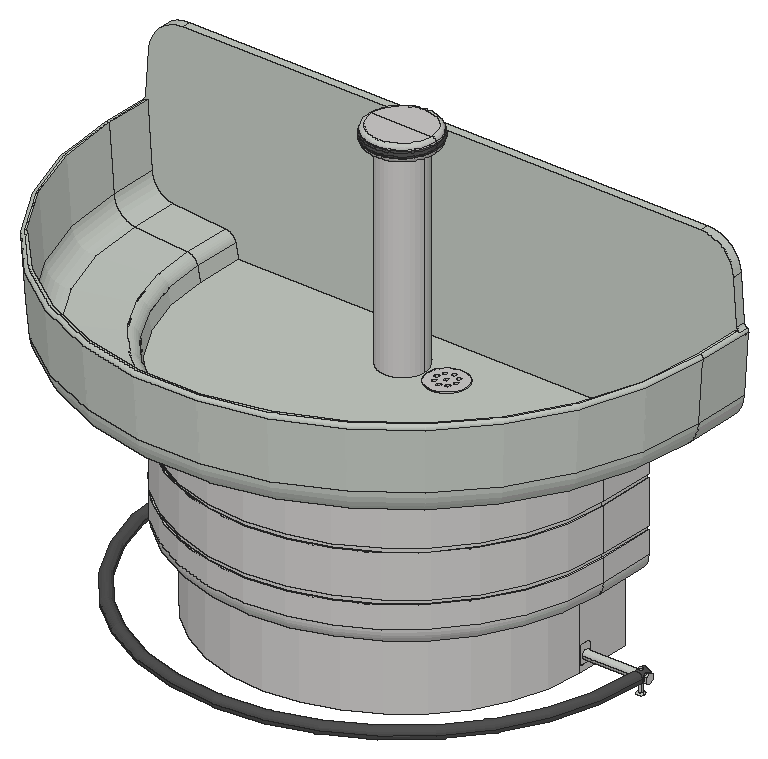
Revit family "Washfountain_Lavatory-Bradley_Corp-WF2504-Type_H_Drain", category Plumbing Fixtures, Revit 2012 (continued)
Automatic sketch dimensions
  Masking region 12 sketch curve to Masking region 12 sketch curve = 0.03513"
  curve 2 to Masking region 12 sketch curve = 0.33351"
  Masking region 12 sketch curve to curve 2 = 10.500"
  Masking region 12 sketch curve to Masking region 12 sketch curve = 0.49824"
  curve 2 to Masking region 12 sketch curve = 7.0005"
  curve 7 to curve 80 = 0.37358"
  curve 80 to curve 7 = 3.24592"
  curve 79 to curve 80 = 0.000"
  curve 79 to curve 81 = 0.27592"
  curve 81 to curve 82 = 0.040"
  curve 82 to curve 83 = 0.04402"
  curve 83 to curve 84 = 0.03127"
  curve 7 to curve 84 = 2.85471"
  curve 84 to curve 83 = 0.03127"
  curve 83 to curve 82 = 0.04402"
  curve 82 to curve 81 = 0.040"
  curve 81 to curve 79 = 0.27592"
  curve 80 to curve 79 = 0.000"
  curve 79 to curve 80 = 0.62595"
  curve 81 to curve 79 = 0.61449"
  curve 82 to curve 81 = 1.250"
  curve 83 to curve 82 = 1.24999"
  curve 84 to curve 83 = 1.25001"
  curve 12 to curve 51 = 3.59633"
  curve 51 to curve 12 = 14.89889"
  curve 50 to curve 51 = 0.000"
  curve 49 to curve 51 = 0.000"  (x2)
  curve 46 to curve 49 = 0.000"
  curve 47 to curve 46 = 0.000"
  curve 48 to curve 47 = 0.000"  (x2)
  curve 46 to curve 41 = 0.02732"
  curve 39 to curve 41 = 0.000"  (x2)
  curve 49 to curve 42 = 0.02732"
  curve 43 to curve 42 = 0.000"
  curve 44 to curve 43 = 0.000"  (x2)
  curve 40 to curve 39 = 0.000"  (x2)
  curve 39 to curve 45 = 2.01906"
  curve 38 to curve 45 = 0.000"
  curve 12 to curve 45 = 12.8525"
  curve 45 to curve 38 = 0.00049"
  curve 45 to curve 43 = 2.01906"
  curve 42 to curve 43 = 0.000"
  curve 45 to curve 41 = 2.01906"
  curve 41 to curve 47 = 0.02732"
  curve 46 to curve 47 = 0.000"
  curve 44 to curve 50 = 0.02732"
  curve 51 to curve 50 = 0.000"
  curve 49 to curve 51 = 0.14775"
  curve 44 to curve 49 = 0.63192"
  curve 43 to curve 44 = 0.18748"
  curve 42 to curve 43 = 0.18748"
  curve 47 to curve 42 = 1.9977"
  curve 48 to curve 47 = 0.14775"
  curve 46 to curve 48 = 0.14775"
  curve 41 to curve 46 = 1.5194"
  curve 40 to curve 41 = 0.18748"
  curve 39 to curve 40 = 0.18748"
  curve 45 to curve 39 = 0.9101"
  curve 38 to curve 45 = 2.64854"
  curve 51 to curve 50 = 0.14775"
  curve 11 to curve 65 = 3.000"
  curve 11 to curve 52 = 3.000"
  curve 64 to curve 65 = 0.000"
  curve 53 to curve 65 = 0.000"
  curve 63 to curve 65 = 0.000"
  curve 54 to curve 53 = 0.000"
  curve 62 to curve 52 = 0.000"
  curve 55 to curve 53 = 0.000"  (x2)
  curve 61 to curve 62 = 0.000"
  curve 56 to curve 64 = 0.000"
  curve 60 to curve 62 = 0.000"
  curve 57 to curve 56 = 0.000"
  curve 59 to curve 52 = 0.000"
  curve 58 to curve 56 = 0.000"  (x2)
  curve 11 to curve 59 = 17.94266"
  curve 52 to curve 59 = 0.000"
  curve 52 to curve 60 = 2.01784"
  curve 64 to curve 60 = 0.000"
  curve 61 to curve 60 = 0.000"
  curve 63 to curve 64 = 0.000"
  curve 62 to curve 60 = 0.000"
  curve 65 to curve 64 = 0.000"
  curve 61 to curve 54 = 0.02854"
  curve 64 to curve 57 = 0.02854"
  curve 53 to curve 54 = 0.000"
  curve 56 to curve 57 = 0.000"
  curve 59 to curve 11 = 12.49714"
  curve 59 to curve 52 = 2.64854"
  curve 52 to curve 60 = 0.9101"
  curve 60 to curve 62 = 0.18748"
  curve 62 to curve 61 = 0.18748"
  curve 61 to curve 53 = 1.5194"
  curve 53 to curve 55 = 0.14775"
  curve 55 to curve 54 = 0.14775"
  curve 54 to curve 63 = 1.9977"
  curve 63 to curve 65 = 0.18748"
  curve 65 to curve 64 = 0.18748"
  curve 64 to curve 56 = 0.63192"
  curve 56 to curve 58 = 0.14775"
  curve 58 to curve 57 = 0.14775"
  curve 2 to curve 66 = 3.000"
  curve 2 to curve 67 = 14.33954"
  curve 2 to curve 67 = 15.1158"
  curve 67 to curve 66 = 6.85903"
  curve 66 to curve 67 = 0.38104"
  curve 2 to curve 67 = 8.81355"
  curve 66 to curve 2 = 8.46682"
  curve 66 to curve 67 = 0.0327"
  Revolve 15 sketch curve to curve 5 = 0.000"
  curve 5 to Revolve 15 sketch curve = 1.000"
  curve 5 to Revolve 15 sketch curve = 0.89718"
  Revolve 15 sketch curve to curve 5 = 0.64632"
  Revolve 15 sketch curve to Revolve 15 sketch curve = 0.17678"
  Revolve 15 sketch curve to Revolve 15 sketch curve = 0.000"  (x4)
  Revolve 15 sketch curve to Revolve 15 sketch curve = 0.60355"
  Revolve 15 sketch curve to Revolve 15 sketch curve = 0.176"
  curve 5 to Revolve 15 sketch curve = 0.34072"
  Revolve 15 sketch curve to curve 5 = 1.44037"
  Revolve 15 sketch curve to Revolve 15 sketch curve = 0.01575"
  Revolve 15 sketch curve to Revolve 15 sketch curve = 0.074"
  Revolve 15 sketch curve to Revolve 15 sketch curve = 0.0755"
  Revolve 15 sketch curve to curve 5 = 2.78252"
  Revolve 15 sketch curve to Revolve 15 sketch curve = 1.50918"
  Revolve 15 sketch curve to curve 5 = 39.99275"
  Revolve 15 sketch curve to Revolve 15 sketch curve = 0.07322"
  Revolve 15 sketch curve to Revolve 15 sketch curve = 0.60277"
  Revolve 15 sketch curve to Revolve 15 sketch curve = 0.22469"
  Revolve 15 sketch curve to curve 5 = 1.16482"
  Revolve 16 sketch curve to curve 5 = 0.000"
  Revolve 16 sketch curve to Revolve 16 sketch curve = 0.000"
  curve 5 to Revolve 16 sketch curve = 1.000"
  Revolve 16 sketch curve to curve 5 = 0.74987"
  Revolve 16 sketch curve to Revolve 16 sketch curve = 0.8255"  (x2)
  Revolve 16 sketch curve to Revolve 16 sketch curve = 0.78649"
  Revolve 16 sketch curve to curve 5 = 1.13751"
  Masking region 13 sketch curve to curve 5 = 0.000"
  Masking region 13 sketch curve to curve 5 = 1.57537"
  Masking region 13 sketch curve to curve 5 = 0.74987"
  curve 5 to Masking region 13 sketch curve = 1.000"
  Masking region 13 sketch curve to curve 5 = 1.000"
  curve 5 to Masking region 13 sketch curve = 0.74987"
  curve 5 to Masking region 13 sketch curve = 1.57537"
  Masking region 13 sketch curve to Masking region 13 sketch curve = 0.8255"  (x2)
  Masking region 14 sketch curve to curve 5 = 0.000"
  Masking region 14 sketch curve to curve 5 = 1.57537"
  Masking region 14 sketch curve to Masking region 14 sketch curve = 0.0755"  (x2)
  Masking region 14 sketch curve to Masking region 14 sketch curve = 0.11925"
  Masking region 14 sketch curve to Masking region 14 sketch curve = 0.000"  (x7)
  Masking region 14 sketch curve to Masking region 14 sketch curve = 0.135"
  Masking region 14 sketch curve to Masking region 14 sketch curve = 0.074"
  Masking region 14 sketch curve to Masking region 14 sketch curve = 0.250"
  Masking region 14 sketch curve to curve 5 = 0.82309"
  Masking region 14 sketch curve to Masking region 14 sketch curve = 0.17678"  (x2)
  curve 5 to Masking region 14 sketch curve = 0.89718"
  curve 5 to Masking region 14 sketch curve = 1.000"
  curve 5 to Masking region 14 sketch curve = 2.78252"
  Masking region 14 sketch curve to Masking region 14 sketch curve = 0.43497"
  Masking region 14 sketch curve to curve 5 = 1.000"
  Masking region 14 sketch curve to curve 5 = 0.89718"
  curve 5 to Masking region 14 sketch curve = 0.64632"
  Masking region 14 sketch curve to Masking region 14 sketch curve = 0.60355"
  Masking region 14 sketch curve to Masking region 14 sketch curve = 0.176"
  curve 5 to Masking region 14 sketch curve = 0.34072"
  curve 5 to Masking region 14 sketch curve = 1.44037"
  Masking region 14 sketch curve to Masking region 14 sketch curve = 0.01575"
  Masking region 14 sketch curve to Masking region 14 sketch curve = 0.0595"
  Masking region 14 sketch curve to curve 5 = 39.99275"
  Masking region 14 sketch curve to Masking region 14 sketch curve = 0.07322"  (x2)
  Masking region 14 sketch curve to Masking region 14 sketch curve = 0.60277"  (x2)
  Masking region 14 sketch curve to Masking region 14 sketch curve = 0.3591"
  Masking region 14 sketch curve to Masking region 14 sketch curve = 0.22469"
  Masking region 14 sketch curve to Masking region 14 sketch curve = 0.13441"
  Masking region 15 sketch curve to curve 3 = 0.125"
  curve 3 to Masking region 15 sketch curve = 0.31036"
  Masking region 15 sketch curve to curve 3 = 0.00012"
  curve 3 to Masking region 15 sketch curve = 0.31985"
  Masking region 15 sketch curve to Masking region 15 sketch curve = 0.68964"
  Masking region 15 sketch curve to curve 3 = 1.000"
  Masking region 15 sketch curve to curve 3 = 0.31985"
  Masking region 15 sketch curve to curve 3 = 0.31036"
  curve 3 to Masking region 15 sketch curve = 0.125"
  Masking region 15 sketch curve to curve 3 = 0.94458"  (x2)
  Masking region 15 sketch curve to curve 3 = 0.44473"  (x2)
  Masking region 16 sketch curve to curve 3 = 0.12503"
  Masking region 16 sketch curve to curve 3 = 0.03514"
  Masking region 16 sketch curve to curve 3 = 0.035"
  Masking region 16 sketch curve to curve 3 = 0.0313"
  Masking region 16 sketch curve to curve 3 = 0.03126"
  curve 3 to Masking region 16 sketch curve = 0.310"
  Masking region 16 sketch curve to curve 3 = 0.00052"
  curve 3 to Masking region 16 sketch curve = 0.31012"
  Masking region 16 sketch curve to Masking region 16 sketch curve = 0.690"
  Masking region 16 sketch curve to curve 3 = 1.000"
  Masking region 16 sketch curve to curve 3 = 0.31103"
  Masking region 16 sketch curve to curve 3 = 0.30726"
  curve 3 to Masking region 16 sketch curve = 0.03111"
  curve 3 to Masking region 16 sketch curve = 0.03213"
  curve 3 to Masking region 16 sketch curve = 0.035"  (x2)
  Masking region 16 sketch curve to Masking region 16 sketch curve = 0.09419"
  Masking region 16 sketch curve to curve 3 = 0.94459"
  Masking region 16 sketch curve to curve 3 = 0.94426"
  Masking region 16 sketch curve to curve 3 = 0.53856"
  Masking region 16 sketch curve to curve 3 = 0.5384"
  curve 77 to curve 3 = 0.125"
  curve 72 to curve 3 = 0.125"
  curve 76 to curve 3 = 0.03521"
  curve 73 to curve 3 = 0.035"
  curve 3 to curve 78 = 1.000"
  curve 78 to curve 3 = 1.000"
  curve 3 to curve 75 = 0.035"
  curve 3 to curve 74 = 0.035"
  curve 73 to curve 74 = 0.090"
  curve 75 to curve 75 = 0.090"
  curve 78 to curve 3 = 1.38963"
  curve 77 to curve 3 = 0.94458"
  curve 74 to curve 3 = 0.44473"
  Masking region 17 sketch curve to curve 7 = 0.000"
  Masking region 17 sketch curve to curve 7 = 3.32412"
  Masking region 17 sketch curve to curve 7 = 2.85471"
  curve 7 to Masking region 17 sketch curve = 2.85471"
  curve 7 to Masking region 17 sketch curve = 3.32412"
  Masking region 18 sketch curve to curve 7 = 0.000"  (x3)
  Masking region 18 sketch curve to curve 7 = 14.27037"  (x2)
  Masking region 18 sketch curve to curve 7 = 0.11538"
  Masking region 18 sketch curve to curve 7 = 2.85471"
  Masking region 18 sketch curve to Masking region 18 sketch curve = 0.03127"  (x2)
  Masking region 18 sketch curve to Masking region 18 sketch curve = 0.04402"  (x2)
  Masking region 18 sketch curve to Masking region 18 sketch curve = 0.040"  (x4)
  Masking region 18 sketch curve to Masking region 18 sketch curve = 0.23592"
  curve 7 to Masking region 18 sketch curve = 0.11538"
  curve 7 to Masking region 18 sketch curve = 2.85471"
  curve 7 to Masking region 18 sketch curve = 0.37358"
  Masking region 18 sketch curve to Masking region 18 sketch curve = 0.63597"  (x2)
  Masking region 18 sketch curve to Masking region 18 sketch curve = 1.25001"  (x2)
  Masking region 18 sketch curve to Masking region 18 sketch curve = 1.24999"  (x2)
  Masking region 18 sketch curve to Masking region 18 sketch curve = 1.250"  (x2)
  Masking region 18 sketch curve to Masking region 18 sketch curve = 0.62595"  (x2)
  Masking region 19 sketch curve to curve 4 = 0.875"
  Masking region 19 sketch curve to curve 4 = 0.440"
  Masking region 19 sketch curve to curve 4 = 0.00012"
  Masking region 19 sketch curve to curve 4 = 0.43015"
  curve 4 to Masking region 19 sketch curve = 0.25001"
  Masking region 19 sketch curve to Masking region 19 sketch curve = 3.99991"
  Masking region 19 sketch curve to Masking region 19 sketch curve = 0.68002"
  Masking region 19 sketch curve to Masking region 19 sketch curve = 0.0002"
  Masking region 19 sketch curve to Masking region 19 sketch curve = 0.44505"  (x3)
  curve 4 to Masking region 19 sketch curve = 0.44473"  (x2)
  Masking region 20 sketch curve to plane 9 "Spray Head" = 0.000"
  Masking region 20 sketch curve to plane 9 "Spray Head" = 0.8509"
  plane 1 "Center (Front/Back)" to Masking region 20 sketch curve = 8.37501"
  Masking region 20 sketch curve to Masking region 20 sketch curve = 0.090"  (x2)
  Masking region 20 sketch curve to Masking region 20 sketch curve = 0.09375"  (x2)
  Masking region 20 sketch curve to Masking region 20 sketch curve = 0.00375"  (x3)
  Masking region 20 sketch curve to Masking region 20 sketch curve = 0.345"  (x2)
  Masking region 20 sketch curve to Masking region 20 sketch curve = 0.690"  (x3)
  plane 1 "Center (Front/Back)" to Masking region 20 sketch curve = 3.25001"
  Masking region 20 sketch curve to Masking region 20 sketch curve = 0.34125"
  Masking region 20 sketch curve to Masking region 20 sketch curve = 0.000"
  Masking region 20 sketch curve to Masking region 20 sketch curve = 0.10005"
  Masking region 20 sketch curve to Masking region 20 sketch curve = 0.1934"  (x2)
  curve 90 to curve 4 = 0.875"
  curve 85 to curve 90 = 0.000"
  curve 85 to curve 86 = 0.090"
  curve 90 to curve 90 = 0.09001"
  curve 4 to curve 91 = 0.25001"
  curve 4 to curve 91 = 1.38963"
  curve 91 to curve 91 = 4.000"
  curve 91 to curve 88 = 1.03499"
  curve 88 to curve 87 = 0.00001"
  curve 86 to curve 87 = 0.08999"
  curve 88 to curve 88 = 0.090"
  curve 90 to curve 4 = 0.94458"
  curve 4 to curve 87 = 0.44473"
  Masking region 21 sketch curve to plane 8 "Sensor Module" = 0.000"
  plane 9 "Spray Head" to Masking region 21 sketch curve = 1.81112"
  plane 1 "Center (Front/Back)" to Masking region 21 sketch curve = 9.82537"
  Masking region 21 sketch curve to Masking region 21 sketch curve = 0.8255"  (x2)
  Masking region 21 sketch curve to Masking region 21 sketch curve = 1.74995"
  plane 1 "Center (Front/Back)" to Masking region 21 sketch curve = 3.25001"
  plane 1 "Center (Front/Back)" to Masking region 21 sketch curve = 1.50013"
  plane 1 "Center (Front/Back)" to Masking region 21 sketch curve = 0.67463"
  Masking region 22 sketch curve to curve 6 = 0.000"
  curve 6 to Masking region 22 sketch curve = 0.56541"
  Masking region 22 sketch curve to curve 6 = 2.32535"
  Masking region 22 sketch curve to Masking region 22 sketch curve = 0.0755"  (x2)
  Masking region 22 sketch curve to Masking region 22 sketch curve = 0.11925"
  Masking region 22 sketch curve to Masking region 22 sketch curve = 0.000"  (x7)
  Masking region 22 sketch curve to Masking region 22 sketch curve = 0.135"
  Masking region 22 sketch curve to Masking region 22 sketch curve = 0.074"
  Masking region 22 sketch curve to Masking region 22 sketch curve = 0.250"
  Masking region 22 sketch curve to Masking region 22 sketch curve = 0.60277"  (x2)
  Masking region 22 sketch curve to Masking region 22 sketch curve = 0.17678"  (x2)
  curve 6 to Masking region 22 sketch curve = 0.14719"
  curve 6 to Masking region 22 sketch curve = 0.25001"
  curve 6 to Masking region 22 sketch curve = 2.03244"
  Masking region 22 sketch curve to Masking region 22 sketch curve = 0.43506"
  Masking region 22 sketch curve to Masking region 22 sketch curve = 3.99991"
  Masking region 22 sketch curve to Masking region 22 sketch curve = 0.10282"
  Masking region 22 sketch curve to Masking region 22 sketch curve = 1.64632"
  curve 6 to Masking region 22 sketch curve = 2.76716"
  Masking region 22 sketch curve to Masking region 22 sketch curve = 0.60355"
  curve 6 to Masking region 22 sketch curve = 2.16439"
  Masking region 22 sketch curve to Masking region 22 sketch curve = 0.176"
  curve 6 to Masking region 22 sketch curve = 0.34072"
  Masking region 22 sketch curve to Masking region 22 sketch curve = 0.1905"
  Masking region 22 sketch curve to Masking region 22 sketch curve = 0.01575"
  Masking region 22 sketch curve to Masking region 22 sketch curve = 0.0595"
  Masking region 22 sketch curve to curve 6 = 39.99275"
  Masking region 22 sketch curve to Masking region 22 sketch curve = 0.07322"
  Masking region 22 sketch curve to Masking region 22 sketch curve = 0.22469"
  Masking region 22 sketch curve to Masking region 22 sketch curve = 0.13441"
  curve 93 to curve 6 = 2.32537"
  curve 6 to curve 92 = 0.56541"
  curve 93 to curve 92 = 0.07551"
  curve 6 to curve 94 = 0.25001"
  curve 94 to curve 94 = 3.99999"
  curve 94 to curve 92 = 2.50014"
  curve 92 to curve 93 = 0.07522"
  curve 93 to curve 92 = 1.44948"
  curve 94 to curve 93 = 0.8255"
  Masking region 23 sketch curve to curve 8 = 0.000"  (x2)
  Masking region 23 sketch curve to curve 8 = 6.000"
  curve 8 to Masking region 23 sketch curve = 8.10471"
  Masking region 23 sketch curve to Masking region 23 sketch curve = 0.46941"
  Masking region 24 sketch curve to curve 8 = 0.000"  (x2)
  Masking region 24 sketch curve to curve 8 = 6.000"
  curve 8 to Masking region 24 sketch curve = 5.250"
  Masking region 24 sketch curve to Masking region 24 sketch curve = 5.36538"
  Masking region 24 sketch curve to Masking region 24 sketch curve = 2.73934"
  Masking region 24 sketch curve to Masking region 24 sketch curve = 0.03127"
  Masking region 24 sketch curve to Masking region 24 sketch curve = 0.04402"
  Masking region 24 sketch curve to Masking region 24 sketch curve = 0.040"  (x2)
  Masking region 24 sketch curve to Masking region 24 sketch curve = 0.23592"
  Masking region 24 sketch curve to curve 8 = 14.27037"
  Masking region 24 sketch curve to Masking region 24 sketch curve = 0.63597"
  Masking region 24 sketch curve to Masking region 24 sketch curve = 1.25001"
  Masking region 24 sketch curve to Masking region 24 sketch curve = 1.24999"
  Masking region 24 sketch curve to Masking region 24 sketch curve = 1.250"
  Masking region 24 sketch curve to Masking region 24 sketch curve = 0.62595"
  curve 100 to curve 8 = 0.000"
  curve 95 to curve 8 = 0.000"
  curve 98 to curve 8 = 0.000"
  curve 96 to curve 8 = 0.000"
  curve 99 to curve 8 = 0.000"
  curve 97 to curve 8 = 0.000"
  curve 100 to curve 8 = 5.36403"
  curve 99 to curve 8 = 4.11402"
  curve 98 to curve 8 = 2.86403"
  curve 97 to curve 8 = 1.61403"
  curve 96 to curve 8 = 0.99953"
  curve 95 to curve 8 = 0.37358"
  curve 8 to curve 100 = 8.10471"
  curve 100 to curve 99 = 0.03127"
  curve 99 to curve 98 = 0.04402"
  curve 98 to curve 97 = 0.040"
  curve 97 to curve 95 = 0.27592"
  curve 96 to curve 95 = 0.000"
  plane 1 "Center (Front/Back)" to curve 150 = 2.90484"
  plane 3 "Center (Left/Right)" to curve 150 = 6.97827"
  plane 1 "Center (Front/Back)" to curve 158 = 2.04766"
  curve 150 to curve 158 = 1.52569"
  plane 3 "Center (Left/Right)" to curve 150 = 1.59028"
  plane 3 "Center (Left/Right)" to curve 158 = 0.06458"
  curve 157 to plane 3 "Center (Left/Right)" = 0.06458"
  curve 149 to plane 3 "Center (Left/Right)" = 1.59028"
  plane 1 "Center (Front/Back)" to curve 157 = 2.04766"
  curve 157 to plane 3 "Center (Left/Right)" = 5.45258"
  plane 1 "Center (Front/Back)" to curve 149 = 2.90484"
  curve 157 to curve 149 = 1.52569"
  curve 157 to curve 157 = 9.59007"
  curve 158 to curve 157 = 0.000"
  curve 158 to curve 150 = 0.85718"
  curve 157 to curve 149 = 0.85718"
  Extrusion 17 sketch curve to plane 6 "Towel Dispenser" = 0.000"
  plane 6 "Towel Dispenser" to Extrusion 17 sketch curve = 1.37502"
  Extrusion 17 sketch curve to Extrusion 17 sketch curve = 2.250"
  Extrusion 17 sketch curve to Extrusion 17 sketch curve = 4.000"
  Extrusion 18 sketch curve to plane 6 "Towel Dispenser" = 0.000"
  plane 6 "Towel Dispenser" to Extrusion 18 sketch curve = 1.37502"
  Extrusion 18 sketch curve to Extrusion 18 sketch curve = 2.250"
  Extrusion 18 sketch curve to Extrusion 18 sketch curve = 4.000"
  Split face 1 sketch curve to Extrusion 17 = 0.56845"
  Split face 1 sketch curve to Split face 1 sketch curve = 0.750"
  Split face 1 sketch curve to Extrusion 17 = 1.500"  (x2)
  Extrusion 18 to Split face 2 sketch curve = 0.56845"
  Split face 2 sketch curve to Split face 2 sketch curve = 0.750"
  Split face 2 sketch curve to Extrusion 18 = 1.500"  (x2)
  curve 106 to Extrusion 18 = 0.000"  (x3)
  Extrusion 18 to curve 141 = 2.60156"
  curve 141 to curve 141 = 1.000"
  Extrusion 18 to curve 141 = 1.95703"
  curve 107 to Extrusion 17 = 0.000"  (x3)
  curve 140 to Extrusion 17 = 2.60156"
  curve 140 to curve 140 = 1.000"
  Extrusion 17 to curve 140 = 1.95703"
  Masking region 25 sketch curve to curve 9 = 0.000"  (x2)
  Masking region 25 sketch curve to curve 9 = 1.37502"  (x2)
  Masking region 25 sketch curve to curve 9 = 5.93988"
  Masking region 25 sketch curve to Masking region 25 sketch curve = 1.96161"  (x2)
  Masking region 25 sketch curve to curve 9 = 2.45258"
  curve 9 to Masking region 25 sketch curve = 1.000"
  Masking region 25 sketch curve to curve 9 = 1.000"
  curve 9 to Masking region 25 sketch curve = 2.45258"
  curve 9 to Masking region 25 sketch curve = 3.97827"
  Masking region 25 sketch curve to Masking region 25 sketch curve = 0.68733"  (x2)
  curve 134 to curve 10 = 0.000"
  curve 130 to curve 10 = 0.95234"
  curve 134 to curve 10 = 0.09516"
  curve 10 to curve 131 = 1.00693"
  curve 138 to curve 10 = 0.29642"
  curve 132 to curve 138 = 0.44323"
  curve 138 to curve 138 = 0.31346"  (x2)
  curve 138 to curve 138 = 0.40504"
  curve 10 to curve 144 = 2.71312"
  curve 130 to curve 139 = 4.79504"
  curve 136 to curve 10 = 0.47244"
  curve 139 to curve 136 = 2.21775"
  curve 136 to curve 136 = 0.40504"
  curve 136 to curve 136 = 0.31346"  (x2)
  curve 139 to curve 131 = 4.79504"
  curve 133 to curve 10 = 1.37502"
  curve 10 to curve 144 = 3.97659"
  curve 144 to curve 144 = 1.000"
  curve 10 to curve 139 = 13.12502"
  curve 10 to curve 131 = 14.62567"
  curve 10 to curve 130 = 15.313"
  Masking region 27 sketch curve to plane 5 "Right" = 0.000"
  Masking region 27 sketch curve to plane 3 "Center (Left/Right)" = 0.000"
  Masking region 27 sketch curve to plane 1 "Center (Front/Back)" = 0.000"
  Masking region 27 sketch curve to Masking region 27 sketch curve = 0.00001"
  plane 1 "Center (Front/Back)" to Masking region 27 sketch curve = 5.09016"
  Masking region 27 sketch curve to Masking region 27 sketch curve = 0.000"
  Masking region 28 sketch curve to plane 3 "Center (Left/Right)" = 0.000"
  plane 3 "Center (Left/Right)" to Masking region 28 sketch curve = 0.06458"
  plane 3 "Center (Left/Right)" to Masking region 28 sketch curve = 3.55188"
  plane 1 "Center (Front/Back)" to Masking region 28 sketch curve = 2.04766"
  plane 3 "Center (Left/Right)" to Masking region 28 sketch curve = 5.45258"
  plane 1 "Center (Front/Back)" to Masking region 28 sketch curve = 4.00693"  (x2)
  Masking region 28 sketch curve to Masking region 28 sketch curve = 3.4873"
  Masking region 28 sketch curve to plane 3 "Center (Left/Right)" = 0.06458"
  Masking region 28 sketch curve to plane 3 "Center (Left/Right)" = 3.55188"
  Masking region 28 sketch curve to plane 3 "Center (Left/Right)" = 5.45258"
  plane 1 "Center (Front/Back)" to Masking region 28 sketch curve = 5.250"
  Masking region 29 sketch curve to plane 3 "Center (Left/Right)" = 0.000"
  Masking region 29 sketch curve to Masking region 29 sketch curve = 6.32412"
  plane 1 "Center (Front/Back)" to Masking region 29 sketch curve = 3.000"
  Masking region 29 sketch curve to Masking region 29 sketch curve = 2.250"
  curve 152 to plane 3 "Center (Left/Right)" = 0.000"
  plane 3 "Center (Left/Right)" to curve 153 = 5.85471"
  plane 1 "Center (Front/Back)" to curve 153 = 3.000"
  plane 1 "Center (Front/Back)" to curve 151 = 3.000"
  curve 153 to curve 152 = 2.250"
  curve 154 to plane 3 "Center (Left/Right)" = 0.000"
  plane 1 "Center (Front/Back)" to curve 154 = 5.250"
  Masking region 30 sketch curve to plane 3 "Center (Left/Right)" = 0.000"
  plane 1 "Center (Front/Back)" to Masking region 30 sketch curve = 5.250"
  Masking region 31 sketch curve to plane 3 "Center (Left/Right)" = 0.000"
  plane 1 "Center (Front/Back)" to Masking region 31 sketch curve = 5.250"
  curve 155 to plane 3 "Center (Left/Right)" = 0.000"
  plane 1 "Center (Front/Back)" to curve 155 = 5.250"
  Extrusion 19 sketch curve to plane 3 "Center (Left/Right)" = 0.000"
  plane 1 "Center (Front/Back)" to Extrusion 19 sketch curve = 5.250"
  Extrusion 20 sketch curve to plane 3 "Center (Left/Right)" = 0.000"
  plane 1 "Center (Front/Back)" to Extrusion 20 sketch curve = 5.250"
  curve 7 to Masking region 33 sketch curve = 1.000"
  Masking region 33 sketch curve to curve 7 = 1.000"
  Masking region 33 sketch curve to curve 7 = 8.500"
  Masking region 34 sketch curve to plane 8 "Sensor Module" = 3.500"
  plane 1 "Center (Front/Back)" to Masking region 34 sketch curve = 7.250"
  plane 1 "Center (Front/Back)" to Masking region 34 sketch curve = 3.25001"
  Extrusion 21 sketch curve to plane 3 "Center (Left/Right)" = 0.000"
  plane 3 "Center (Left/Right)" to Extrusion 21 sketch curve = 0.06458"
  plane 1 "Center (Front/Back)" to Extrusion 21 sketch curve = 2.04766"
  plane 3 "Center (Left/Right)" to Extrusion 21 sketch curve = 5.45258"
  Extrusion 21 sketch curve to plane 3 "Center (Left/Right)" = 0.06458"
  Extrusion 21 sketch curve to plane 3 "Center (Left/Right)" = 5.45258"
  plane 1 "Center (Front/Back)" to Extrusion 21 sketch curve = 5.250"
  Extrusion 21 sketch curve to Extrusion 21 sketch curve = 6.38773"
  Extrusion 22 sketch curve to Extrusion 22 sketch curve = 0.000"  (x2)
  Extrusion 22 sketch curve to plane 3 "Center (Left/Right)" = 0.000"
  plane 3 "Center (Left/Right)" to Extrusion 22 sketch curve = 0.06458"
  Extrusion 22 sketch curve to Extrusion 22 sketch curve = 2.000"
  plane 1 "Center (Front/Back)" to Extrusion 22 sketch curve = 2.04766"
  Extrusion 22 sketch curve to Extrusion 22 sketch curve = 3.45258"  (x2)
  Extrusion 22 sketch curve to plane 3 "Center (Left/Right)" = 0.06458"
  plane 1 "Center (Front/Back)" to Extrusion 22 sketch curve = 5.250"
  Extrusion 22 sketch curve to Extrusion 22 sketch curve = 6.38773"
  curve 160 to curve 159 = 0.000"
  curve 168 to curve 159 = 0.000"
  curve 169 to curve 159 = 0.000"
  curve 161 to curve 159 = 0.000"
  curve 160 to curve 159 = 3.45258"
  curve 159 to curve 166 = 0.000"
  curve 159 to curve 168 = 0.000"
  curve 167 to curve 159 = 0.000"
  curve 169 to curve 167 = 0.000"
  curve 159 to curve 161 = 3.45258"
  curve 159 to curve 169 = 1.0786"
  curve 165 to curve 164 = 0.500"
  curve 159 to curve 166 = 14.12567"
  curve 163 to curve 162 = 0.500"
  curve 162 to curve 160 = 0.68733"
  curve 162 to curve 161 = 0.68733"
  Extrusion 23 sketch curve to plane 1 "Center (Front/Back)" = 0.000"
  Extrusion 23 sketch curve to plane 3 "Center (Left/Right)" = 0.000"
  Extrusion 23 sketch curve to Extrusion 23 sketch curve = 2.00008"
  Extrusion 23 sketch curve to Extrusion 23 sketch curve = 0.000"  (x3)
  Extrusion 23 sketch curve to plane 3 "Center (Left/Right)" = 2.00008"
  plane 1 "Center (Front/Back)" to Extrusion 23 sketch curve = 5.09016"
  Extrusion 24 sketch curve to plane 1 "Center (Front/Back)" = 0.000"
  Extrusion 24 sketch curve to plane 3 "Center (Left/Right)" = 0.000"
  Extrusion 24 sketch curve to Extrusion 24 sketch curve = 2.000"
  plane 1 "Center (Front/Back)" to Extrusion 24 sketch curve = 5.09016"
  Sweep 25 sketch curve to profile plane = 0.000"
  profile plane to Sweep 25 sketch curve = 1.425"
  level to Extrusion 26 sketch curve = 1.425"
  plane 1 "Center (Front/Back)" to Extrusion 26 sketch curve = 4.625"
  level to Extrusion 27 sketch curve = 1.425"
  plane 1 "Center (Front/Back)" to Extrusion 27 sketch curve = 4.625"
  plane 4 "Left" to Extrusion 28 sketch curve = 5.99951"
  plane 1 "Center (Front/Back)" to Extrusion 28 sketch curve = 4.625"
  plane 5 "Right" to Extrusion 29 sketch curve = 5.99951"
  Extrusion 29 sketch curve to plane 1 "Center (Front/Back)" = 4.625"
  Blend 30 sketch curve to Blend 30 sketch curve = 0.000"  (x2)
  plane 4 "Left" to Blend 30 sketch curve = 5.88251"
  Blend 30 sketch curve to Blend 30 sketch curve = 0.117"
  plane 1 "Center (Front/Back)" to Blend 30 sketch curve = 4.625"  (x2)
  plane 4 "Left" to Blend 30 sketch curve = 5.99951"
  Blend 31 sketch curve to Blend 31 sketch curve = 0.000"  (x2)
  plane 5 "Right" to Blend 31 sketch curve = 5.88251"
  Blend 31 sketch curve to Blend 31 sketch curve = 0.117"
  Blend 31 sketch curve to plane 1 "Center (Front/Back)" = 4.625"  (x2)
  plane 5 "Right" to Blend 31 sketch curve = 5.99951"
  level to Extrusion 32 sketch curve = 1.64221"
  plane 1 "Center (Front/Back)" to Extrusion 32 sketch curve = 4.99598"
  level to Extrusion 32 sketch curve = 0.99875"
  Extrusion 32 sketch curve to Extrusion 32 sketch curve = 0.3715"  (x3)
  level to Extrusion 32 sketch curve = 1.85669"
  Extrusion 32 sketch curve to Extrusion 32 sketch curve = 0.21449"
  Extrusion 32 sketch curve to Extrusion 32 sketch curve = 0.42896"
  Extrusion 32 sketch curve to Extrusion 32 sketch curve = 0.21448"
  level to Extrusion 33 sketch curve = 1.64221"
  plane 1 "Center (Front/Back)" to Extrusion 33 sketch curve = 4.99598"
  level to Extrusion 33 sketch curve = 0.99875"
  Extrusion 33 sketch curve to Extrusion 33 sketch curve = 0.3715"  (x3)
  level to Extrusion 33 sketch curve = 1.85669"
  Extrusion 33 sketch curve to Extrusion 33 sketch curve = 0.21448"
  Extrusion 33 sketch curve to Extrusion 33 sketch curve = 0.42896"
  Extrusion 33 sketch curve to Extrusion 33 sketch curve = 0.21449"
  level to Extrusion 34 sketch curve = 2.04222"
  plane 1 "Center (Front/Back)" to Extrusion 34 sketch curve = 5.12723"
  Extrusion 34 sketch curve to Extrusion 34 sketch curve = 0.250"  (x3)
  Extrusion 34 sketch curve to Extrusion 34 sketch curve = 0.500"  (x2)
  level to Extrusion 34 sketch curve = 0.91722"
  level to Extrusion 35 sketch curve = 2.04222"
  plane 1 "Center (Front/Back)" to Extrusion 35 sketch curve = 5.12723"
  Extrusion 35 sketch curve to Extrusion 35 sketch curve = 0.250"  (x3)
  Extrusion 35 sketch curve to Extrusion 35 sketch curve = 0.500"  (x2)
  level to Extrusion 35 sketch curve = 0.91722"
  level to Masking region 36 sketch curve = 1.425"
  plane 4 "Left" to Masking region 36 sketch curve = 5.99951"
  level to Masking region 36 sketch curve = 1.925"
  Masking region 36 sketch curve to plane 5 "Right" = 5.99951"
  Masking region 37 sketch curve to Masking region 37 sketch curve = 0.000"  (x12)
  Masking region 37 sketch curve to level = 0.000"  (x2)
  level to Masking region 37 sketch curve = 1.85669"
  plane 4 "Left" to Masking region 37 sketch curve = 5.19973"
  Masking region 37 sketch curve to Masking region 37 sketch curve = 0.26571"  (x3)
  Masking region 37 sketch curve to Masking region 37 sketch curve = 0.19887"  (x4)
  Masking region 37 sketch curve to Masking region 37 sketch curve = 0.20907"
  Masking region 37 sketch curve to Masking region 37 sketch curve = 0.2182"  (x4)
  Masking region 37 sketch curve to Masking region 37 sketch curve = 0.117"  (x5)
  Masking region 37 sketch curve to Masking region 37 sketch curve = 0.208"  (x4)
  level to Masking region 37 sketch curve = 0.66722"  (x2)
  Masking region 37 sketch curve to Masking region 37 sketch curve = 4.69749"  (x2)
  Masking region 37 sketch curve to Masking region 37 sketch curve = 0.1255"  (x2)
  Masking region 37 sketch curve to plane 5 "Right" = 11.1475"
  Masking region 37 sketch curve to Masking region 37 sketch curve = 0.234"
  level to Masking region 37 sketch curve = 0.12175"  (x4)
  Masking region 37 sketch curve to Masking region 37 sketch curve = 0.80325"  (x2)
  Masking region 37 sketch curve to Masking region 37 sketch curve = 0.01388"  (x2)
  Masking region 37 sketch curve to Masking region 37 sketch curve = 0.05987"  (x2)
  Masking region 37 sketch curve to Masking region 37 sketch curve = 0.05525"  (x2)
  Masking region 37 sketch curve to Masking region 37 sketch curve = 0.06069"
  Masking region 37 sketch curve to Masking region 37 sketch curve = 0.11512"  (x2)
  Masking region 37 sketch curve to Masking region 37 sketch curve = 0.09802"  (x2)
  Masking region 37 sketch curve to Masking region 37 sketch curve = 1.625"  (x2)
  curve 1 to plane 1 "Center (Front/Back)" = 0.000"
  curve 191 to plane 13 = 0.000"
  curve 2 to plane 3 "Center (Left/Right)" = 0.000"
  plane 3 "Center (Left/Right)" to curve 191 = 3.000"
  plane 3 "Center (Left/Right)" to curve 1 = 3.000"
  curve 191 to plane 3 "Center (Left/Right)" = 3.000"
  curve 1 to plane 3 "Center (Left/Right)" = 3.000"
  curve 2 to plane 1 "Center (Front/Back)" = 3.000"
  plane 1 "Center (Front/Back)" to curve 2 = 3.000"
  curve 1 to curve 102 = 23.76758"
  curve 68 to curve 191 = 16.4921"
  curve 191 to curve 68 = 3.000"
  curve 191 to curve 68 = 8.43458"
  curve 191 to curve 68 = 16.4921"
  curve 191 to curve 68 = 257.83753"
  Masking region 38 sketch curve to plane 13 = 6.14764"
  plane 1 "Center (Front/Back)" to Masking region 38 sketch curve = 4.125"
  level to Masking region 38 sketch curve = 0.925"
  Masking region 38 sketch curve to Masking region 38 sketch curve = 0.500"
  Masking region 39 sketch curve to level = 0.000"
  level to Masking region 39 sketch curve = 1.21324"
  plane 1 "Center (Front/Back)" to Masking region 39 sketch curve = 4.99598"
  Masking region 39 sketch curve to Masking region 39 sketch curve = 0.0458"
  Masking region 39 sketch curve to Masking region 39 sketch curve = 0.25398"  (x2)
  level to Masking region 39 sketch curve = 1.00011"
  Masking region 39 sketch curve to Masking region 39 sketch curve = 0.11519"
  level to Masking region 39 sketch curve = 1.85669"
  Masking region 39 sketch curve to Masking region 39 sketch curve = 0.11752"
  Masking region 39 sketch curve to Masking region 39 sketch curve = 0.11648"
  level to Masking region 39 sketch curve = 1.21579"
  Masking region 39 sketch curve to Masking region 39 sketch curve = 0.25475"
  level to Masking region 39 sketch curve = 0.12175"  (x2)
  Masking region 39 sketch curve to Masking region 39 sketch curve = 0.07511"
  Masking region 39 sketch curve to Masking region 39 sketch curve = 0.42896"
  Masking region 39 sketch curve to Masking region 39 sketch curve = 0.42658"
  Masking region 39 sketch curve to Masking region 39 sketch curve = 0.06831"
  Masking region 39 sketch curve to Masking region 39 sketch curve = 0.09802"
  Masking region 39 sketch curve to Masking region 39 sketch curve = 0.234"
  Masking region 39 sketch curve to Masking region 39 sketch curve = 0.20818"
  Masking region 35 sketch curve to curve 159 = 0.000"  (x2)
  curve 159 to Masking region 35 sketch curve = 14.62567"
  curve 159 to Masking region 35 sketch curve = 16.313"
  curve 170 to curve 129 = 0.000"
  curve 111 to curve 129 = 5.93988"
  curve 145 to curve 129 = 1.37502"
  curve 145 to curve 129 = 5.93988"
  curve 127 to curve 118 = 1.05362"
  curve 118 to curve 117 = 0.10398"
  curve 117 to curve 118 = 0.55793"
  curve 119 to curve 129 = 0.29642"
  curve 118 to curve 119 = 0.55793"
  curve 119 to curve 127 = 0.42054"
  curve 143 to curve 129 = 1.51047"
  curve 120 to curve 112 = 0.31186"
  curve 120 to curve 129 = 0.30581"
  curve 129 to curve 119 = 0.25213"
  curve 120 to curve 120 = 0.10398"
  curve 120 to curve 170 = 0.64389"
  curve 170 to curve 116 = 0.40972"
  curve 129 to curve 110 = 2.93542"
  curve 110 to curve 126 = 0.12917"
  curve 115 to curve 129 = 1.40972"
  curve 115 to curve 170 = 0.40972"
  curve 123 to curve 129 = 0.25213"
  curve 129 to curve 124 = 0.30581"
  curve 129 to curve 113 = 0.55188"
  curve 128 to curve 121 = 0.31186"
  curve 124 to curve 124 = 0.10398"
  curve 124 to curve 128 = 2.27816"
  curve 122 to curve 129 = 0.33485"
  curve 128 to curve 122 = 0.31655"
  curve 122 to curve 123 = 0.10398"
  curve 122 to curve 122 = 0.55793"
  curve 122 to curve 121 = 0.55793"
  curve 142 to curve 114 = 0.95859"
  curve 128 to curve 108 = 2.694"
  curve 123 to curve 129 = 0.29642"
  curve 120 to curve 120 = 0.03843"
  curve 121 to curve 115 = 0.29642"
  curve 114 to curve 142 = 2.60156"
  curve 129 to curve 143 = 3.97659"
  curve 142 to curve 142 = 1.000"
  curve 143 to curve 143 = 1.000"
  curve 129 to curve 127 = 13.12502"
  curve 129 to curve 128 = 13.12502"
  curve 129 to curve 110 = 14.62567"
  curve 128 to curve 108 = 1.50065"
  curve 129 to curve 125 = 15.313"
  curve 126 to curve 110 = 0.000"
  Masking region 32 sketch curve to plane 7 "Soap Dispenser" = 8.500"
  Masking region 32 sketch curve to Masking region 32 sketch curve = 4.000"
  plane 1 "Center (Front/Back)" to Masking region 32 sketch curve = 7.250"
  Masking region 26 sketch curve to curve 10 = 0.000"
  Masking region 26 sketch curve to curve 10 = 0.95234"
  curve 10 to Masking region 26 sketch curve = 0.250"
  Masking region 26 sketch curve to Masking region 26 sketch curve = 4.000"
  Masking region 26 sketch curve to Masking region 26 sketch curve = 4.38773"
  curve 10 to Masking region 26 sketch curve = 9.49491"
  Masking region 26 sketch curve to Masking region 26 sketch curve = 1.95927"
  Masking region 26 sketch curve to curve 10 = 1.37502"
  curve 10 to Masking region 26 sketch curve = 14.62567"
  curve 10 to Masking region 26 sketch curve = 16.313"
  Masking region 26 sketch curve to Masking region 26 sketch curve = 0.68733"
  plane 3 "Center (Left/Right)" to Extrusion 36 sketch curve = 4.000"
  plane 1 "Center (Front/Back)" to Extrusion 36 sketch curve = 5.250"
  Extrusion 37 sketch curve to Extrusion 37 sketch curve = 0.000"  (x6)
  plane 1 "Center (Front/Back)" to Extrusion 37 sketch curve = 5.250"
  Extrusion 37 sketch curve to plane 5 "Right" = 21.250"
  Extrusion 37 sketch curve to Extrusion 37 sketch curve = 0.87229"
  Extrusion 37 sketch curve to Extrusion 37 sketch curve = 0.25708"  (x5)
  Extrusion 37 sketch curve to Extrusion 37 sketch curve = 0.62063"  (x11)
  curve 15 to curve 147 = 0.000"  (x2)
  curve 15 to curve 205 = 0.000"  (x2)
  curve 208 to curve 209 = 0.000"  (x2)
  curve 16 to plane 1 "Center (Front/Back)" = 0.000"
  curve 14 to plane 1 "Center (Front/Back)" = 0.000"
  curve 147 to plane 5 "Right" = 8.99951"
  curve 206 to plane 5 "Right" = 0.49951"
  curve 16 to plane 5 "Right" = 0.02351"
  curve 156 to plane 5 "Right" = 0.00001"
  plane 4 "Left" to curve 156 = 0.00001"
  plane 1 "Center (Front/Back)" to curve 204 = 0.8003"
  curve 209 to curve 210 = 0.000"  (x2)
  plane 3 "Center (Left/Right)" to curve 213 = 4.87771"
  curve 213 to curve 214 = 0.25708"
  curve 213 to curve 212 = 0.25708"
  curve 214 to curve 215 = 0.62063"
  curve 209 to curve 215 = 0.000"
  curve 212 to curve 211 = 0.62063"
  curve 215 to curve 216 = 0.62063"
  curve 211 to curve 218 = 0.62063"
  curve 218 to curve 217 = 0.25708"
  plane 1 "Center (Front/Back)" to curve 211 = 4.37229"
  curve 211 to curve 218 = 0.25708"
  curve 211 to curve 212 = 0.25708"
  curve 148 to curve 147 = 4.28985"
  curve 218 to curve 209 = 0.62063"
  curve 212 to curve 213 = 0.62063"
  curve 218 to curve 217 = 0.62063"
  curve 213 to curve 214 = 0.62063"
  curve 217 to curve 216 = 0.62063"
  curve 216 to curve 215 = 0.25708"
  curve 181 to curve 182 = 0.000"
  curve 182 to curve 182 = 0.26571"
  level to curve 183 = 0.12175"
  curve 180 to curve 183 = 0.41707"
  curve 182 to curve 179 = 0.51608"
  curve 179 to curve 179 = 0.13499"  (x2)
  curve 183 to curve 183 = 0.234"
  curve 179 to curve 178 = 0.22637"
  curve 179 to curve 177 = 0.22637"
  level to curve 178 = 1.054"
  curve 178 to curve 178 = 4.67912"
  curve 177 to curve 178 = 0.000"
  level to curve 184 = 1.796"
  curve 184 to plane 5 "Right" = 11.022"
  curve 185 to curve 184 = 0.000"
  level to curve 185 = 1.054"
  curve 185 to curve 185 = 4.67912"
  curve 184 to curve 185 = 0.000"
  level to curve 190 = 0.12175"
  curve 185 to curve 190 = 0.22637"
  curve 184 to curve 186 = 0.22637"
  curve 185 to curve 186 = 0.22637"
  curve 186 to curve 186 = 0.13499"
  curve 190 to curve 190 = 0.234"
  curve 186 to curve 189 = 0.51608"
  curve 189 to curve 189 = 0.26571"
  curve 188 to curve 188 = 0.26571"
  curve 179 to curve 178 = 0.129"
  curve 180 to curve 179 = 0.371"
  curve 187 to curve 186 = 0.371"
  curve 187 to curve 189 = 0.15924"
  curve 180 to curve 182 = 0.15924"
  curve 182 to curve 181 = 0.42897"
  curve 189 to curve 188 = 0.42897"
  curve 188 to curve 187 = 0.15379"
  curve 181 to curve 180 = 0.15379"
  plane 4 "Left" to curve 178 = 11.022"
  Split face 3 sketch curve to cut or joined group of Revolve 7, Extrusion 14 = 0.000"  (x3)
  Revolve 42 sketch curve to curve 7 = 0.000"
  Revolve 42 sketch curve to Revolve 42 sketch curve = 0.000"
  Revolve 42 sketch curve to curve 7 = 3.24592"
  Revolve 42 sketch curve to Revolve 42 sketch curve = 0.0782"
  Revolve 42 sketch curve to Revolve 42 sketch curve = 2.30429"
  Revolve 42 sketch curve to curve 7 = 2.44617"
  curve 7 to Extrusion 43 sketch curve = 3.24592"
  Extrusion 43 sketch curve to Extrusion 43 sketch curve = 0.0782"  (x2)
  Extrusion 43 sketch curve to curve 7 = 3.24592"
  Extrusion 43 sketch curve to curve 7 = 0.000"
  curve 5 to Extrusion 44 sketch curve = 1.3649"
  curve 5 to Extrusion 45 sketch curve = 1.3649"
  curve 5 to Extrusion 45 sketch curve = 3.000"
  curve 6 to Masking region 40 sketch curve = 1.8649"
  curve 6 to Masking region 40 sketch curve = 6.82537"
  Masking region 40 sketch curve to Masking region 40 sketch curve = 0.400"
  curve 6 to Masking region 40 sketch curve = 0.8649"
  curve 6 to Masking region 41 sketch curve = 1.6149"
  curve 6 to Masking region 41 sketch curve = 6.7498"
  Masking region 41 sketch curve to Masking region 41 sketch curve = 0.07557"
  Masking region 41 sketch curve to Masking region 41 sketch curve = 0.500"
  curve 70 to curve 5 = 1.57537"
  curve 5 to curve 69 = 0.56541"
  curve 70 to curve 69 = 0.0755"
  curve 5 to curve 71 = 1.000"
  curve 71 to curve 5 = 1.00311"
  curve 5 to curve 69 = 1.49987"
  curve 69 to curve 70 = 0.0755"
  curve 70 to curve 69 = 1.44948"
  curve 71 to curve 5 = 2.84038"
  curve 219 to curve 71 = 1.99689"
  curve 5 to curve 219 = 1.3649"
  Extrusion 41 sketch curve to Extrusion 41 sketch curve = 3.125"
  Extrusion 41 sketch curve to Extrusion 41 sketch curve = 1.000"
  level to curve 195 = 0.91722"
  plane 1 "Center (Front/Back)" to curve 195 = 4.12723"
  curve 200 to curve 201 = 0.000"
  curve 192 to curve 201 = 0.12677"
  curve 200 to curve 194 = 0.250"
  curve 195 to curve 201 = 0.250"
  curve 196 to curve 195 = 0.13077"
  curve 192 to curve 192 = 0.371"
  curve 203 to curve 196 = 0.234"
  curve 197 to curve 203 = 0.13523"
  curve 198 to curve 200 = 0.500"
  curve 197 to curve 197 = 0.250"
  curve 198 to curve 198 = 0.250"
  curve 203 to curve 196 = 0.000"
  curve 195 to curve 192 = 0.50778"
  curve 192 to curve 201 = 0.30522"
  curve 192 to curve 202 = 0.500"
  curve 201 to curve 194 = 0.19478"
  curve 194 to curve 200 = 0.11722"
  radius of Masking region 28 sketch curve = 2.000"
  radius of curve 154 = 2.10282"
  radius of Masking region 30 sketch curve = 4.57537"
  radius of Masking region 31 sketch curve = 3.125"
  radius of curve 155 = 3.035"
  radius of Extrusion 19 sketch curve = 2.000"
  radius of Extrusion 20 sketch curve = 2.000"
  radius of Extrusion 21 sketch curve = 2.000"
  radius of Sweep 25 sketch curve = 0.500"
  radius of Extrusion 26 sketch curve = 0.371"
  radius of Extrusion 27 sketch curve = 0.371"
  radius of Extrusion 28 sketch curve = 0.117"
  radius of Extrusion 29 sketch curve = 0.117"
  radius of Blend 30 sketch curve = 0.325"
  radius of Blend 31 sketch curve = 0.325"
  radius of Extrusion 36 sketch curve = 1.750"
  radius of Extrusion 37 sketch curve = 0.1842"  (x9)
  radius of curve 207 to Extrusion 37 = 0.500"
  radius of curve 208 = 1.750"
  radius of curve 209 = 1.250"
  radius of curve 210 = 0.1842"
  radius of curve 211 = 0.1842"
  radius of curve 212 = 0.1842"
  radius of curve 213 = 0.1842"
  radius of curve 214 = 0.1842"
  radius of curve 215 = 0.1842"
  radius of curve 216 = 0.1842"
  radius of curve 217 = 0.1842"
  radius of curve 218 = 0.1842"
  radius of Extrusion 44 sketch curve = 0.500"
  radius of Extrusion 45 sketch curve = 0.250"
  radius of curve 219 = 0.500"
Connectors (in)
  piping at (-7.625, 0, 12), driven by "Hot Lavatory Inlet Primary Radius", driven by "HWFU"
    settings: on Extrusion 41, index 1, connector radius 1/2", flow factor 0, pipe flow 0.0 GPM, pressure drop 0.0 psi, fitting loss kfactor 0, connector angle 0.00°, fixture units 0, engagement length 0.000", flow configuration 3, flow direction 1, fitting loss method 0, system type 19, joint type 0, gender type 0, connector reference index -1, connector utility 0, adjustable connector no, is connector primary yes, fitting loss table "", connector description "Hot Lavatory Inlet Primary"
  piping at (7.625, 0, 12), driven by "CWFU", driven by "Cold Lavatory Inlet Primary Radius"
    settings: on Extrusion 41, index 2, connector radius 1/2", flow factor 0, pipe flow 0.0 GPM, pressure drop 0.0 psi, fitting loss kfactor 0, connector angle 0.00°, fixture units 0, engagement length 0.000", flow configuration 3, flow direction 1, fitting loss method 0, system type 20, joint type 0, gender type 0, connector reference index -1, connector utility 0, adjustable connector no, is connector primary no, fitting loss table "", connector description "Cold Lavatory Inlet radius"
  piping at (-4, -5.25, 0), driven by "Drain Radius", driven by "WFU"
    settings: on Extrusion 39, index 3, connector radius 1", flow factor 0, pipe flow 0.0 GPM, pressure drop 0.0 psi, fitting loss kfactor 0, connector angle 0.00°, fixture units 0, engagement length 0.000", flow configuration 3, flow direction 1, fitting loss method 0, system type 16, joint type 0, gender type 0, connector reference index -1, connector utility 0, adjustable connector no, is connector primary no, fitting loss table "", connector description "Drain"
  piping at (-7.625, -2, 0), driven by "Hot Lavatory Inlet Secondary Radius", driven by "HWFU"
    settings: on Extrusion 38, index 4, connector radius 1/2", flow factor 0, pipe flow 0.0 GPM, pressure drop 0.0 psi, fitting loss kfactor 0, connector angle 0.00°, fixture units 0, engagement length 0.000", flow configuration 3, flow direction 1, fitting loss method 0, system type 19, joint type 0, gender type 0, connector reference index -1, connector utility 0, adjustable connector no, is connector primary no, fitting loss table "", connector description "Hot Lavatory Inlet Secondary"
  piping at (7.625, -2, 0), driven by "Cold Lavatory Inlet Secondary Radius", driven by "CWFU"
    settings: on Extrusion 38, index 5, connector radius 1/2", flow factor 0, pipe flow 0.0 GPM, pressure drop 0.0 psi, fitting loss kfactor 0, connector angle 0.00°, fixture units 0, engagement length 0.000", flow configuration 3, flow direction 1, fitting loss method 0, system type 19, joint type 0, gender type 0, connector reference index -1, connector utility 0, adjustable connector no, is connector primary no, fitting loss table "", connector description "Cold Lavatory Inlet Secondary"
  piping at (0, -5.25, 38.75), driven by "Vent Radius", driven by "WFU"
    settings: on Extrusion 40, index 6, connector radius 3/4", flow factor 0, pipe flow 0.0 GPM, pressure drop 0.0 psi, fitting loss kfactor 0, connector angle 0.00°, fixture units 0, engagement length 0.000", flow configuration 3, flow direction 2, fitting loss method 0, system type 16, joint type 0, gender type 0, connector reference index -1, connector utility 0, adjustable connector yes, is connector primary no, fitting loss table "", connector description "Vent"
  electrical at (-4, 0, 11), driven by "Voltage"
    settings: on Extrusion 41, index 7, voltage 110 V, apparent load 0 VA, apparent load phase1 0 VA, apparent load phase2 0 VA, apparent load phase3 0 VA, power factor 1, load classification "Other", number of poles 1, system type 31, power factor state 1, is connector primary yes, connector utility no, sub classification motor no, connector description ""
Types (3): name | Towel Dispenser Height | Standard Height | Spray Head Height | Soap Dispenser Height | Sensor Module Height | Secondary Supply Height | Rim Height | Supply Height | Pedestal Height | Model ID | Juvenile Height
  (no name) | 52.000" | yes | 38.750" | 47.250" | 42.250" | 12.000" | 29.500" | 38.750" | 19.000" | 2 | no
  Standard | 52.000" | yes | 38.750" | 47.250" | 42.250" | 12.000" | 29.500" | 38.750" | 19.000" | 2 | no
  Juvenile | 48.000" | no | 34.750" | 43.250" | 38.250" | 8.250" | 25.500" | 34.750" | 15.000" | 1 | yes
